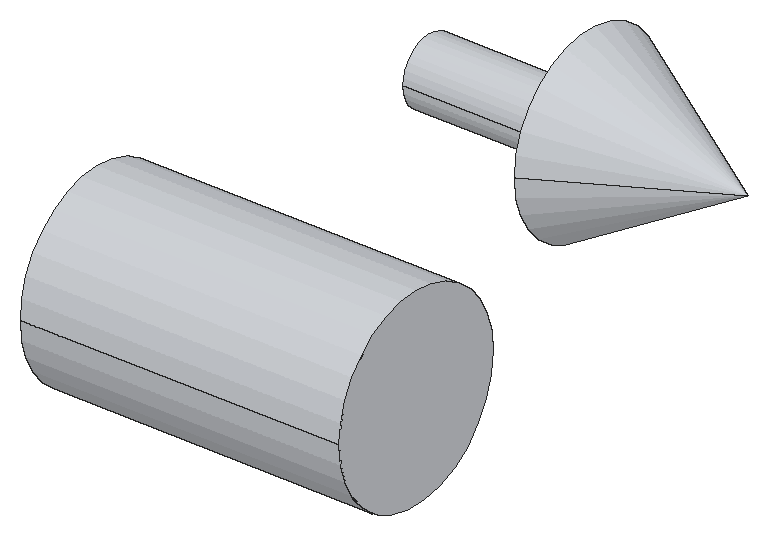
Revit family "Routing Pass Point2020", category 機械設備, Revit 2020
Family settings
  丸型コネクタ寸法 = 直径を使用
  種別 = なし
  パーツ タイプ = 標準
  作業面ベース = いいえ
  常に垂直 = はい
  ロード時にボイドで切り取り = いいえ
  共有 = いいえ
  部屋計算ポイント = いいえ
Parameters
  既定の高さ = 0 mm
  Arent-RoundDuct-MarkupDiameter [instance] = [Arent-RoundDuct-Diameter] + 20 mm  # 30.2 mm
  Arent-RoundDuct-Diameter [instance] = 10.2 mm
Reference planes
  plane 1 "中心(正面/背面)": y = 0
  plane 2: z = 0
  plane 3 "中心(左/右)": x = 0
  plane 4: y = -65.1
  plane 5: y = -50
  plane 6: y = -80.2
  plane 7: z = 14.48
  plane 8: z = -14.48
  plane 9: x = -25
  plane 10: x = 25
Forms (mm)
  Revolve 1, solid
    sketch origin (-5.022, 0, 0) x (1, 0, 0) y (0, 1, 0)
      loop
        line (30.103, 0) -> (-19.978, 0) -> (-19.978, -5.1) -> (5.022, -5.1) -> (5.022, -14.48) -> (30.103, 0)
      axis (-19.978, 0) -> (30.103, 0)
    angle from 0 to 360
  Extrusion 2, solid
    sketch origin (0, 0, -5) x (0, 1, 0) y (0, 0, 1)
      loop
        circle (-65.1, 5.042) r 15.1
    from -25 to 25
Dimensions and locks
  equal spacing: plane 5, plane 4, plane 6
  "Arent-RoundDuct-MarkupDiameter": plane 5 to plane 6
  plane 1 "中心(正面/背面)" to plane 5 = 50 mm
  "Arent-RoundDuct-MarkupDiameter": diameter of Extrusion 2 sketch curve
  aligned and locked: level to plane 2
Automatic sketch dimensions
  plane 1 "中心(正面/背面)" to Revolve 1 sketch curve = 0 mm  (x2)
  Revolve 1 sketch curve to plane 9 = 0 mm
  Revolve 1 sketch curve to plane 3 "中心(左/右)" = 0 mm
  plane 1 "中心(正面/背面)" to Revolve 1 sketch curve = 5.1 mm
  Revolve 1 sketch curve to Revolve 1 sketch curve = 9.38 mm
  Revolve 1 sketch curve to Revolve 1 sketch curve = 10.125 mm
  Revolve 1 sketch curve to Revolve 1 sketch curve = 0 mm
  plane 10 to Revolve 1 sketch curve = 0.081 mm
  Extrusion 2 sketch curve to plane 4 = 0 mm
  level to Extrusion 2 sketch curve = 0.042 mm
